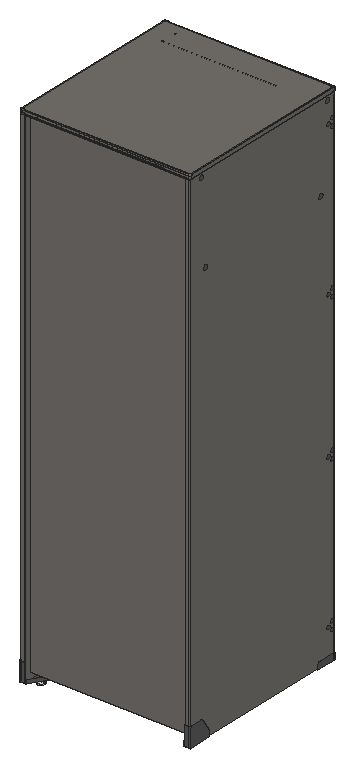
Revit family "Marco - Instrument Storage (BS156) - Copy", category Furniture, Revit 2020 (continued)
Definition of nested family "Marco - Instrumental Storage Door"
  Definition of nested family "Family2"
    Forms (in)
      Extrusion 5, void
        sketch origin (-8.71955, -3.28815, 0) x (1, 0, 0) y (0, 0, 1)
          loop
            line (0.68898, 9.6063) -> (3.44488, 9.6063)
            arc (3.44488, 9.6063) -> (3.61191, 9.53711) -> (3.6811, 9.37008) r 0.23622
            line (3.6811, 9.37008) -> (3.6811, 8.77498)
            arc (3.6811, 8.77498) -> (3.69653, 8.76296) -> (3.71092, 8.74971) r 0.23733
            line (3.71092, 8.74971) -> (3.7694, 8.69123)
            arc (3.7694, 8.69123) -> (3.84603, 8.64003) -> (3.93643, 8.62205) r 0.23622
            line (3.93643, 8.62205) -> (4.38976, 8.62205)
            arc (4.38976, 8.62205) -> (4.5568, 8.55286) -> (4.62598, 8.38583) r 0.23622
            line (4.62598, 8.38583) -> (4.62598, 7.67717)
            arc (4.62598, 7.67717) -> (4.5568, 7.51013) -> (4.38976, 7.44094) r 0.23622
            line (4.38976, 7.44094) -> (3.93643, 7.44094)
            arc (3.93643, 7.44094) -> (3.84603, 7.42296) -> (3.7694, 7.37176) r 0.23622
            line (3.7694, 7.37176) -> (3.71092, 7.31328)
            arc (3.71092, 7.31328) -> (3.69653, 7.30003) -> (3.6811, 7.28802) r 0.23733
            line (3.6811, 7.28802) -> (3.6811, 6.69291)
            arc (3.6811, 6.69291) -> (3.61191, 6.52588) -> (3.44488, 6.45669) r 0.23622
            line (3.44488, 6.45669) -> (0.68898, 6.45669)
            arc (0.68898, 6.45669) -> (0.52194, 6.52588) -> (0.45276, 6.69291) r 0.23622
            line (0.45276, 6.69291) -> (0.45276, 6.98021) -> (-0.04724, 6.98021) -> (-0.04724, 5.95669) -> (5.12598, 5.95669) -> (5.12598, 10.1063) -> (-0.04724, 10.1063) -> (-0.04724, 9.18247) -> (0.45276, 9.18247) -> (0.45276, 9.37008)
            arc (0.45276, 9.37008) -> (0.52194, 9.53711) -> (0.68898, 9.6063) r 0.23622
        from -0.2927 to 2.5
      Extrusion 6, void
        sketch origin (-8.71955, -3.28815, 0) x (0, 1, 0) y (0, 0, 1)
          loop
            circle (-1.70223, 8.02869) r 0.28997
        from -0.87289 to 0.45276
      Extrusion 7, solid, material <- "Lock"
        sketch origin (-8.71955, -3.28815, 0) x (1, 0, 0) y (0, 0, 1)
          loop
            circle (1.06494, 9.27066) r 0.27938
          loop
            circle (3.06494, 9.27066) r 0.27938
          loop
            circle (3.06494, 6.79035) r 0.27938
          loop
            circle (1.06494, 6.79035) r 0.27938
        from -0.10236 to 0.89737
      Extrusion 8, solid, material <- "Lock"
        sketch origin (-8.71955, -2.54012, 0) x (0, 1, 0) y (0, 0, 1)
          loop
            line (-0.84252, 9.64567) -> (-0.84252, 6.41732) -> (-0.74409, 6.41732) -> (-0.74409, 9.64567) -> (-0.84252, 9.64567)
        from 0.45276 to 3.6811
      Extrusion 9, solid, material <- "Lock"
        sketch origin (-4.54368, 0.14074, 0) x (0, 1, 0) y (0, 0, 1)
          loop
            circle (-2.61834, 8.66252) r 0.25604
          loop
            circle (-2.61834, 7.40111) r 0.25604
          loop
            circle (-3.40526, 8.0317) r 0.25604
        from -0.22895 to 0.73067
      Extrusion 10, solid, material <- "Lock"
        sketch origin (-8.71955, -3.28815, 0) x (0, 1, 0) y (0, 0, 1)
          loop
            line (1.24409, 9.11417) -> (-1.19685, 9.11417)
            arc (-1.19685, 9.11417) -> (-1.47524, 8.99886) -> (-1.59055, 8.72047) r 0.3937
            line (-1.59055, 8.72047) -> (-1.59055, 7.34252)
            arc (-1.59055, 7.34252) -> (-1.47524, 7.06413) -> (-1.19685, 6.94882) r 0.3937
            line (-1.19685, 6.94882) -> (1.24409, 6.94882) -> (1.24409, 9.11417)
          loop
            line (-1.27559, 8.8189) -> (-1.27559, 7.24409) -> (-1, 7.24409) -> (-1, 8.8189) -> (-1.27559, 8.8189)
        from 3.95539 to 4.0735
    Cuts and joins
      Extrusion 4, Extrusion 5, Extrusion 6 cuts Extrusion 1
      Extrusion 6 cuts Extrusion 2
      Extrusion 5 cuts Extrusion 3
      joined: Extrusion 2, Extrusion 3
    Dimensions and locks (in)
      aligned and locked: plane 2 to level
Types (7): name | Width calc | Width | Shelf Type | Door Type | Support Beam Width | Model
  (no name) | 27.441" | 27.750" | Marco - Instrument Storage Shelf : Marco - Instrument Storage Shelf | Marco - Instrumental Storage Door : Marco - Individual steel door | 27.666" | "Marco - BS156-4"
  BS156-0 | 27.441" | 27.750" | Marco - Instrument Storage Shelf : Marco - Instrument Storage Shelf | Marco - Instrumental Storage Door : No door | 27.666" | "Marco - BS156-0"
  BS156-3 | 27.441" | 27.750" | Marco - Instrument Storage Shelf : Marco - Instrument Storage Shelf | Marco - Instrumental Storage Door : Marco - Individual wood door | 27.666" | "Marco - BS156-3"
  BS156-4 | 27.441" | 27.750" | Marco - Instrument Storage Shelf : Marco - Instrument Storage Shelf | Marco - Instrumental Storage Door : Marco - Individual steel door | 27.666" | "Marco - BS156-4"
  BS156N-0 | 21.441" | 22.000" | Marco - Instrument Storage Shelf : Marco - Instrument Storage Shelf N type | Marco - Instrumental Storage Door : No door | 21.666" | "Marco - BS156N-0"
  BS156N-3 | 21.441" | 22.000" | Marco - Instrument Storage Shelf : Marco - Instrument Storage Shelf N type | Marco - Instrumental Storage Door : Marco - Individual wood door N | 21.666" | "Marco - BS156N-3"
  BS156N-4 | 21.441" | 22.000" | Marco - Instrument Storage Shelf : Marco - Instrument Storage Shelf N type | Marco - Instrumental Storage Door : Marco - Individual steel door N | 21.666" | "Marco - BS156N-4"
